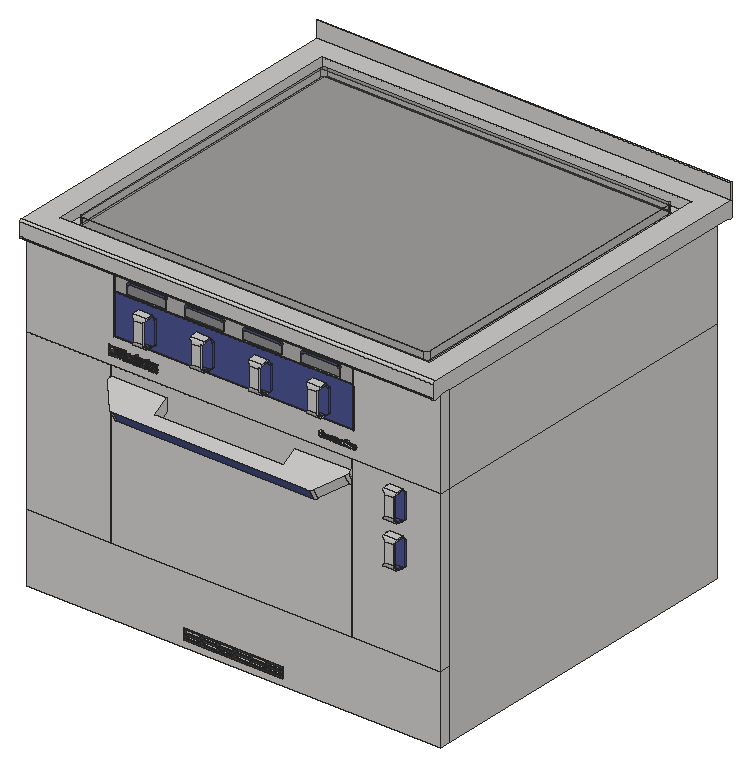
Revit family "QF_ELECTROLUXPROFESSIONAL_589669_MCIMFBJ8AO", category Attrezzature speciali, Revit 2020 (continued)
Definition of nested family "Front_Panel_W1000_4 Knobs"
  Definition of nested family "ELX_Professional_Logo_Small"
    Forms (mm)
      Extrusion 2, solid, material <- "Material_Logo"
        sketch origin (15.5, 0, 0) x (1, 0, 0) y (0, 1, 0)
          loop
            spline (-32.6, 1.606) -> (-32.553, 0.805) -> (-32.416, 0.057) -> (-32.193, -0.637) -> (-31.887, -1.271) -> (-31.504, -1.843) -> (-31.048, -2.35) -> (-30.523, -2.788) -> (-29.934, -3.154) -> (-29.284, -3.444) -> (-28.579, -3.656) -> (-27.822, -3.785) -> (-27.019, -3.829)
            spline (-27.019, -3.829) -> (-26.627, -3.82) -> (-26.239, -3.79) -> (-25.856, -3.739) -> (-25.477, -3.663) -> (-25.103, -3.562) -> (-24.734, -3.432) -> (-24.369, -3.273) -> (-24.01, -3.082) -> (-23.655, -2.858) -> (-23.305, -2.597) -> (-22.96, -2.299) -> (-22.621, -1.962)
            line (-22.621, -1.962) -> (-24.114, -0.509)
            spline (-24.114, -0.509) -> (-24.311, -0.699) -> (-24.509, -0.872) -> (-24.71, -1.03) -> (-24.915, -1.172) -> (-25.126, -1.297) -> (-25.346, -1.407) -> (-25.576, -1.5) -> (-25.817, -1.576) -> (-26.072, -1.636) -> (-26.342, -1.678) -> (-26.629, -1.704) -> (-26.936, -1.713)
            spline (-26.936, -1.713) -> (-27.384, -1.691) -> (-27.805, -1.625) -> (-28.196, -1.518) -> (-28.556, -1.372) -> (-28.882, -1.187) -> (-29.174, -0.966) -> (-29.429, -0.71) -> (-29.645, -0.422) -> (-29.821, -0.102) -> (-29.955, 0.247) -> (-30.045, 0.623) -> (-30.089, 1.026)
            line (-30.089, 1.026) -> (-21.956, 1.026) -> (-21.915, 1.897)
          loop
            spline (-24.446, 2.769) -> (-24.47, 3.075) -> (-24.54, 3.37) -> (-24.654, 3.65) -> (-24.807, 3.913) -> (-24.996, 4.156) -> (-25.219, 4.376) -> (-25.472, 4.57) -> (-25.753, 4.736) -> (-26.057, 4.869) -> (-26.382, 4.968) -> (-26.724, 5.03) -> (-27.081, 5.051)
            spline (-27.081, 5.051) -> (-27.464, 5.03) -> (-27.832, 4.97) -> (-28.183, 4.872) -> (-28.513, 4.74) -> (-28.819, 4.577) -> (-29.099, 4.384) -> (-29.347, 4.165) -> (-29.563, 3.923) -> (-29.742, 3.659) -> (-29.881, 3.377) -> (-29.977, 3.079) -> (-30.027, 2.769)
            line (-30.027, 2.769) -> (-24.446, 2.769)
          loop
            spline (-18.167, 1.669) -> (-18.138, 2.13) -> (-18.055, 2.567) -> (-17.921, 2.978) -> (-17.739, 3.358) -> (-17.512, 3.705) -> (-17.243, 4.016) -> (-16.937, 4.287) -> (-16.596, 4.517) -> (-16.223, 4.7) -> (-15.823, 4.835) -> (-15.398, 4.919) -> (-14.951, 4.947)
            spline (-14.951, 4.947) -> (-14.677, 4.938) -> (-14.414, 4.913) -> (-14.162, 4.871) -> (-13.921, 4.812) -> (-13.69, 4.738) -> (-13.467, 4.649) -> (-13.254, 4.544) -> (-13.048, 4.424) -> (-12.85, 4.291) -> (-12.659, 4.143) -> (-12.474, 3.981) -> (-12.295, 3.806)
            line (-12.295, 3.806) -> (-10.76, 5.403)
            spline (-10.76, 5.403) -> (-11.065, 5.709) -> (-11.38, 5.984) -> (-11.703, 6.228) -> (-12.035, 6.443) -> (-12.375, 6.63) -> (-12.723, 6.788) -> (-13.078, 6.92) -> (-13.44, 7.026) -> (-13.809, 7.107) -> (-14.184, 7.164) -> (-14.564, 7.198) -> (-14.951, 7.209)
            spline (-14.951, 7.209) -> (-15.725, 7.161) -> (-16.467, 7.02) -> (-17.169, 6.792) -> (-17.826, 6.482) -> (-18.43, 6.096) -> (-18.976, 5.637) -> (-19.455, 5.112) -> (-19.862, 4.525) -> (-20.19, 3.882) -> (-20.433, 3.189) -> (-20.584, 2.449) -> (-20.635, 1.669)
            spline (-20.635, 1.669) -> (-20.584, 0.889) -> (-20.433, 0.149) -> (-20.19, -0.545) -> (-19.862, -1.187) -> (-19.455, -1.774) -> (-18.976, -2.299) -> (-18.43, -2.758) -> (-17.826, -3.145) -> (-17.169, -3.454) -> (-16.467, -3.682) -> (-15.725, -3.823) -> (-14.951, -3.871)
            spline (-14.951, -3.871) -> (-14.564, -3.86) -> (-14.184, -3.826) -> (-13.809, -3.77) -> (-13.44, -3.689) -> (-13.078, -3.583) -> (-12.723, -3.451) -> (-12.375, -3.292) -> (-12.035, -3.105) -> (-11.703, -2.89) -> (-11.38, -2.646) -> (-11.065, -2.371) -> (-10.76, -2.066)
            line (-10.76, -2.066) -> (-12.295, -0.468)
            spline (-12.295, -0.468) -> (-12.474, -0.643) -> (-12.659, -0.805) -> (-12.85, -0.953) -> (-13.048, -1.087) -> (-13.254, -1.206) -> (-13.467, -1.311) -> (-13.69, -1.4) -> (-13.921, -1.475) -> (-14.162, -1.533) -> (-14.414, -1.575) -> (-14.677, -1.6) -> (-14.951, -1.609)
            spline (-14.951, -1.609) -> (-15.398, -1.581) -> (-15.823, -1.497) -> (-16.223, -1.362) -> (-16.596, -1.179) -> (-16.937, -0.95) -> (-17.243, -0.678) -> (-17.512, -0.367) -> (-17.739, -0.02) -> (-17.921, 0.36) -> (-18.055, 0.771) -> (-18.138, 1.208) -> (-18.167, 1.669)
          loop
            spline (-4.441, -1.243) -> (-4.659, -1.247) -> (-4.894, -1.23) -> (-5.137, -1.19) -> (-5.384, -1.121) -> (-5.628, -1.021) -> (-5.864, -0.884) -> (-6.084, -0.708) -> (-6.283, -0.488) -> (-6.454, -0.219) -> (-6.592, 0.101) -> (-6.69, 0.478) -> (-6.742, 0.914)
            line (-6.742, 0.914) -> (-6.742, 4.587) -> (-4.487, 4.587) -> (-4.487, 6.838) -> (-6.738, 6.838) -> (-6.738, 10.824) -> (-9.217, 10.824) -> (-9.217, 0.773)
            spline (-9.217, 0.773) -> (-9.164, 0.19) -> (-9.068, -0.358) -> (-8.928, -0.87) -> (-8.742, -1.343) -> (-8.511, -1.777) -> (-8.232, -2.168) -> (-7.904, -2.515) -> (-7.527, -2.816) -> (-7.098, -3.069) -> (-6.618, -3.273) -> (-6.084, -3.426) -> (-5.496, -3.525)
            line (-5.496, -3.525) -> (-4.45, -3.573) -> (-4.441, -1.243)
          loop
            spline (3.898, 6.983) -> (3.469, 7.009) -> (3.056, 7.001) -> (2.661, 6.961) -> (2.283, 6.888) -> (1.925, 6.785) -> (1.588, 6.652) -> (1.272, 6.49) -> (0.979, 6.301) -> (0.71, 6.085) -> (0.465, 5.844) -> (0.247, 5.578) -> (0.056, 5.289)
            line (0.056, 5.289) -> (0.056, 6.838) -> (-2.402, 6.838) -> (-2.402, -3.572) -> (0.056, -3.572) -> (0.056, 1.901)
            spline (0.056, 1.901) -> (0.079, 2.316) -> (0.145, 2.703) -> (0.254, 3.06) -> (0.404, 3.386) -> (0.592, 3.679) -> (0.818, 3.938) -> (1.08, 4.162) -> (1.375, 4.348) -> (1.703, 4.495) -> (2.062, 4.602) -> (2.45, 4.668) -> (2.865, 4.69)
            line (2.865, 4.69) -> (3.898, 4.586) -> (3.898, 6.983)
          loop
            spline (15.638, 1.633) -> (15.586, 2.396) -> (15.435, 3.124) -> (15.192, 3.81) -> (14.863, 4.449) -> (14.455, 5.034) -> (13.975, 5.56) -> (13.43, 6.021) -> (12.826, 6.411) -> (12.17, 6.724) -> (11.469, 6.955) -> (10.729, 7.098) -> (9.958, 7.147)
            spline (9.958, 7.147) -> (9.182, 7.098) -> (8.44, 6.955) -> (7.737, 6.724) -> (7.081, 6.411) -> (6.477, 6.021) -> (5.933, 5.56) -> (5.454, 5.034) -> (5.048, 4.449) -> (4.721, 3.81) -> (4.479, 3.124) -> (4.329, 2.396) -> (4.277, 1.633)
            spline (4.277, 1.633) -> (4.329, 0.869) -> (4.479, 0.141) -> (4.721, -0.544) -> (5.048, -1.183) -> (5.454, -1.768) -> (5.933, -2.294) -> (6.477, -2.755) -> (7.081, -3.145) -> (7.737, -3.459) -> (8.44, -3.69) -> (9.182, -3.833) -> (9.958, -3.882)
            spline (9.958, -3.882) -> (10.729, -3.833) -> (11.469, -3.69) -> (12.17, -3.459) -> (12.826, -3.145) -> (13.43, -2.755) -> (13.975, -2.294) -> (14.455, -1.768) -> (14.863, -1.183) -> (15.192, -0.544) -> (15.435, 0.141) -> (15.586, 0.869) -> (15.638, 1.633)
          loop
            spline (13.18, 1.633) -> (13.151, 2.083) -> (13.067, 2.513) -> (12.932, 2.918) -> (12.748, 3.296) -> (12.52, 3.642) -> (12.251, 3.954) -> (11.943, 4.227) -> (11.601, 4.459) -> (11.228, 4.645) -> (10.828, 4.782) -> (10.403, 4.867) -> (9.958, 4.896)
            spline (9.958, 4.896) -> (9.509, 4.867) -> (9.081, 4.782) -> (8.679, 4.645) -> (8.306, 4.459) -> (7.964, 4.227) -> (7.658, 3.954) -> (7.39, 3.642) -> (7.163, 3.296) -> (6.981, 2.918) -> (6.847, 2.513) -> (6.765, 2.083) -> (6.736, 1.633)
            spline (6.736, 1.633) -> (6.765, 1.182) -> (6.847, 0.753) -> (6.981, 0.347) -> (7.163, -0.031) -> (7.39, -0.377) -> (7.658, -0.689) -> (7.964, -0.962) -> (8.306, -1.193) -> (8.679, -1.38) -> (9.081, -1.517) -> (9.509, -1.602) -> (9.958, -1.631)
            spline (9.958, -1.631) -> (10.403, -1.602) -> (10.828, -1.517) -> (11.228, -1.38) -> (11.601, -1.193) -> (11.943, -0.962) -> (12.251, -0.689) -> (12.52, -0.377) -> (12.748, -0.031) -> (12.932, 0.347) -> (13.067, 0.753) -> (13.151, 1.182) -> (13.18, 1.633)
          loop
            line (17.162, 4.269) -> (17.162, -3.573) -> (19.642, -3.573) -> (19.642, 10.824) -> (17.162, 10.824) -> (17.162, 4.269)
          loop
            line (28.581, 6.838) -> (28.581, 0.786)
            spline (28.581, 0.786) -> (28.561, 0.393) -> (28.503, 0.038) -> (28.409, -0.279) -> (28.281, -0.559) -> (28.122, -0.802) -> (27.933, -1.011) -> (27.717, -1.185) -> (27.476, -1.325) -> (27.213, -1.433) -> (26.929, -1.509) -> (26.626, -1.554) -> (26.308, -1.569)
            spline (26.308, -1.569) -> (25.99, -1.554) -> (25.688, -1.509) -> (25.404, -1.434) -> (25.141, -1.326) -> (24.9, -1.187) -> (24.684, -1.014) -> (24.496, -0.807) -> (24.336, -0.565) -> (24.209, -0.288) -> (24.115, 0.026) -> (24.057, 0.376) -> (24.037, 0.765)
            line (24.037, 0.765) -> (24.037, 6.838) -> (21.537, 6.838) -> (21.537, 0.558)
            spline (21.537, 0.558) -> (21.581, -0.153) -> (21.71, -0.8) -> (21.916, -1.384) -> (22.195, -1.904) -> (22.54, -2.362) -> (22.944, -2.757) -> (23.403, -3.09) -> (23.909, -3.362) -> (24.456, -3.572) -> (25.04, -3.722) -> (25.652, -3.811) -> (26.288, -3.841)
            spline (26.288, -3.841) -> (26.929, -3.811) -> (27.547, -3.72) -> (28.135, -3.568) -> (28.687, -3.355) -> (29.197, -3.079) -> (29.66, -2.741) -> (30.068, -2.341) -> (30.415, -1.877) -> (30.696, -1.349) -> (30.905, -0.757) -> (31.034, -0.101) -> (31.079, 0.621)
            line (31.079, 0.621) -> (31.079, 6.838) -> (28.581, 6.838)
          loop
            line (40.457, -0.243) -> (38.894, 1.942) -> (40.83, 4.579) -> (42.488, 6.837) -> (39.782, 6.837) -> (37.53, 3.719) -> (35.258, 6.837) -> (32.573, 6.837) -> (34.113, 4.731) -> (36.167, 1.922) -> (34.014, -1.076) -> (32.222, -3.573) -> (34.887, -3.573) -> (37.53, 0.104) -> (40.174, -3.573) -> (42.839, -3.573) -> (40.457, -0.243)
          loop
            line (-46.121, -5.837) -> (-48.039, -5.837) -> (-48.039, -10.814) -> (-47.016, -10.814) -> (-47.016, -9.128) -> (-46.121, -9.128)
            arc (-46.121, -9.128) -> (-44.476, -7.482) -> (-46.121, -5.837) r 1.645
          loop
            line (-46.163, -6.778) -> (-47.016, -6.778) -> (-47.016, -8.187) -> (-46.163, -8.187)
            arc (-46.163, -8.187) -> (-45.458, -7.482) -> (-46.163, -6.778) r 0.704
          loop
            line (-38.313, -5.837) -> (-40.265, -5.837) -> (-40.265, -10.814) -> (-39.241, -10.814) -> (-39.241, -9.1) -> (-38.46, -9.182) -> (-37.48, -10.814) -> (-36.318, -10.814) -> (-37.513, -8.848)
            arc (-37.513, -8.848) -> (-36.888, -8.266) -> (-36.671, -7.441) r 1.536
            arc (-36.671, -7.441) -> (-37.165, -6.305) -> (-38.313, -5.837) r 1.643
          loop
            arc (-38.402, -8.166) -> (-37.707, -7.505) -> (-38.334, -6.778) r 0.696
            line (-38.334, -6.778) -> (-39.241, -6.778) -> (-39.241, -8.166) -> (-38.402, -8.166)
          loop
            circle (-29.965, -8.325) r 2.585
          loop
            circle (-29.965, -8.325) r 1.64
          loop
            line (-23.1, -5.837) -> (-23.1, -10.814) -> (-22.076, -10.814) -> (-22.076, -8.768) -> (-20.204, -8.768) -> (-20.204, -7.828) -> (-22.076, -7.828) -> (-22.076, -6.778) -> (-20.024, -6.778) -> (-20.024, -5.837) -> (-23.1, -5.837)
          loop
            line (-15.802, -5.837) -> (-15.802, -9.2)
            arc (-15.802, -9.2) -> (-15.343, -10.34) -> (-14.209, -10.814) r 1.593
            line (-14.209, -10.814) -> (-12.602, -10.814) -> (-12.602, -10.027) -> (-14.004, -10.027)
            arc (-14.004, -10.027) -> (-14.552, -9.8) -> (-14.779, -9.252) r 0.775
            line (-14.779, -9.252) -> (-14.779, -8.424) -> (-12.789, -8.424) -> (-12.789, -7.642) -> (-14.779, -7.642) -> (-14.779, -6.778) -> (-12.651, -6.778) -> (-12.651, -5.837) -> (-15.802, -5.837)
          loop
            line (-5.909, -7.143) -> (-5.173, -6.638)
            arc (-5.173, -6.638) -> (-5.855, -5.974) -> (-6.781, -5.755) r 1.782
            arc (-6.781, -5.755) -> (-7.397, -5.878) -> (-7.944, -6.189) r 1.974
            arc (-7.944, -6.189) -> (-8.202, -6.5) -> (-8.317, -6.888) r 1.013
            arc (-8.317, -6.888) -> (-8.306, -7.341) -> (-8.192, -7.78) r 1.985
            arc (-8.192, -7.78) -> (-7.749, -8.259) -> (-7.171, -8.563) r 1.928
            arc (-7.171, -8.563) -> (-6.637, -8.779) -> (-6.131, -9.056) r 5.041
            arc (-6.131, -9.056) -> (-5.934, -9.387) -> (-6.09, -9.74) r 0.42
            arc (-6.09, -9.74) -> (-6.631, -9.96) -> (-7.204, -9.845) r 1.016
            arc (-7.204, -9.845) -> (-7.625, -9.603) -> (-7.889, -9.196) r 1.033
            line (-7.889, -9.196) -> (-8.67, -9.686)
            arc (-8.67, -9.686) -> (-8.361, -10.198) -> (-7.908, -10.589) r 1.914
            arc (-7.908, -10.589) -> (-7.334, -10.834) -> (-6.714, -10.896) r 2.063
            arc (-6.714, -10.896) -> (-5.947, -10.743) -> (-5.256, -10.376) r 2.696
            arc (-5.256, -10.376) -> (-4.95, -9.565) -> (-5.108, -8.712) r 1.618
            arc (-5.108, -8.712) -> (-5.448, -8.319) -> (-5.884, -8.035) r 1.876
            arc (-5.884, -8.035) -> (-6.434, -7.789) -> (-6.999, -7.577) r 9.883
            arc (-6.999, -7.577) -> (-7.325, -7.07) -> (-6.854, -6.694) r 0.45
            arc (-6.854, -6.694) -> (-6.329, -6.809) -> (-5.909, -7.143) r 1.197
          loop
            line (1.61, -7.143) -> (2.345, -6.638)
            arc (2.345, -6.638) -> (1.663, -5.974) -> (0.737, -5.755) r 1.782
            arc (0.737, -5.755) -> (0.121, -5.878) -> (-0.425, -6.189) r 1.974
            arc (-0.425, -6.189) -> (-0.683, -6.5) -> (-0.799, -6.888) r 1.013
            arc (-0.799, -6.888) -> (-0.788, -7.341) -> (-0.674, -7.78) r 1.985
            arc (-0.674, -7.78) -> (-0.231, -8.259) -> (0.347, -8.563) r 1.928
            arc (0.347, -8.563) -> (0.881, -8.779) -> (1.387, -9.056) r 5.041
            arc (1.387, -9.056) -> (1.584, -9.387) -> (1.428, -9.74) r 0.42
            arc (1.428, -9.74) -> (0.887, -9.96) -> (0.314, -9.845) r 1.016
            arc (0.314, -9.845) -> (-0.107, -9.603) -> (-0.371, -9.196) r 1.033
            line (-0.371, -9.196) -> (-1.152, -9.686)
            arc (-1.152, -9.686) -> (-0.842, -10.198) -> (-0.39, -10.589) r 1.914
            arc (-0.39, -10.589) -> (0.184, -10.834) -> (0.804, -10.896) r 2.063
            arc (0.804, -10.896) -> (1.572, -10.743) -> (2.263, -10.376) r 2.696
            arc (2.263, -10.376) -> (2.568, -9.565) -> (2.411, -8.712) r 1.618
            arc (2.411, -8.712) -> (2.07, -8.319) -> (1.635, -8.035) r 1.876
            arc (1.635, -8.035) -> (1.084, -7.789) -> (0.519, -7.577) r 9.883
            arc (0.519, -7.577) -> (0.193, -7.07) -> (0.665, -6.694) r 0.45
            arc (0.665, -6.694) -> (1.189, -6.809) -> (1.61, -7.143) r 1.197
          loop
            line (6.801, -5.837) -> (6.801, -10.814) -> (7.825, -10.814) -> (7.825, -5.837) -> (6.801, -5.837)
          loop
            circle (14.724, -8.325) r 1.548
          loop
            circle (14.724, -8.325) r 2.585
          loop
            line (21.59, -10.814) -> (22.623, -10.814) -> (22.623, -7.685) -> (24.9, -10.814) -> (25.895, -10.814) -> (25.895, -5.837) -> (24.861, -5.837) -> (24.861, -9.061) -> (22.585, -5.837) -> (21.59, -5.837) -> (21.59, -10.814)
          loop
            line (31.054, -10.814) -> (31.539, -9.74) -> (33.38, -9.74) -> (33.865, -10.814) -> (34.965, -10.814) -> (32.46, -5.837) -> (29.956, -10.814) -> (31.054, -10.814)
          loop
            line (32.46, -7.698) -> (31.999, -8.719) -> (32.921, -8.719) -> (32.46, -7.698)
          loop
            line (40.047, -9.873) -> (40.047, -5.837) -> (39.024, -5.837) -> (39.024, -10.814) -> (41.961, -10.814) -> (41.961, -9.873) -> (40.047, -9.873)
          loop
            line (-74.986, -10.814) -> (-53.322, -10.814) -> (-53.322, 10.82) -> (-74.986, 10.82) -> (-74.986, -10.814)
          loop
            line (-61.261, 9.758) -> (-61.261, -9.707)
            arc (-61.261, -9.707) -> (-54.066, 0.025) -> (-61.261, 9.758) r 10.18
          loop
            line (-62.251, 8.349) -> (-62.251, 9.758)
            arc (-62.251, 9.758) -> (-70.347, 7.918) -> (-74.247, 0.59) r 9.976
            line (-74.247, 0.59) -> (-71.026, 0.59)
            arc (-71.026, 0.59) -> (-65.274, 2.925) -> (-62.251, 8.349) r 9.351
          loop
            arc (-74.247, -0.539) -> (-70.353, -7.928) -> (-62.251, -9.957) r 10.237
            line (-62.251, -9.957) -> (-62.251, -8.298)
            arc (-62.251, -8.298) -> (-65.274, -2.874) -> (-71.026, -0.539) r 9.351
            line (-71.026, -0.539) -> (-74.247, -0.539)
        from 0 to 1.644
    Dimensions and locks
      aligned and locked: plane 2 to Extrusion 1
      aligned and locked: level to Extrusion 1
